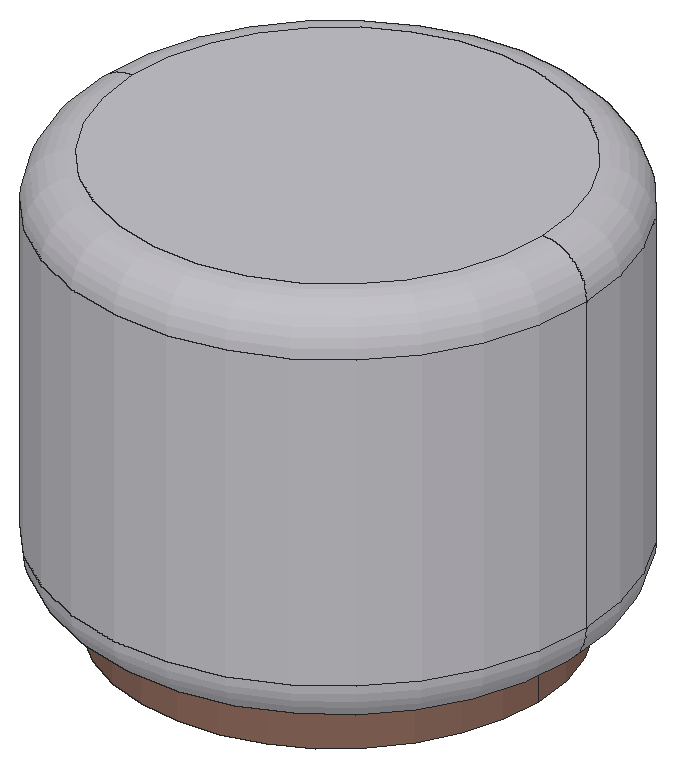
Revit family "Furniture_Chair_Tablet 8.1", category Furniture, Revit 2019
Family settings
  OmniClass Number = 23.21.23.15.17
  Work Plane-Based = Yes
  Always vertical = No
  Cut with Voids When Loaded = No
  Shared = No
  Room Calculation Point = No
Parameters (values of type "TABLET 8.1")
  Youtube clip = ""
  Uniformat II Description = "Movable Furnishings"
  Uniformat II Code = ""
  Uniclass 2015 Name = ""
  Uniclass 2015 Code = ""
  Uniclass 2.0 Description = ""
  Uniclass 2.0 Code = ""
  Uniclass 1.4 Description = ""
  Uniclass 1.4 Code = ""
  UNSPSC Code = ""
  Technical description = ""
  Shell Material = Leather - Varick YI173
  Frame Material = Wood - 106 Beech Light Walnut
  Region South America = "All"
  Region Oceania = "All"
  Region North America = "All"
  Region Middle East = "All"
  Region Europe = "All"
  Region Asia = "All"
  Region Antarctica = "All"
  Region Africa = "All"
  QR code = "https://www.sandlerseating.com/product/tablet-8-1/"
  Product url = "https://www.sandlerseating.com/product/tablet-8-1/"
  Product name = "TABLET 8.1"
  Product group = "Chair"
  Product family = "Furniture"
  Product data url = "https://www.sandlerseating.com/product/tablet-8-1/"
  Product certification = ""
  Product SKU = "??"
  Product Guid = "??"
  OmniClass Description = ""
  OmniClass Code = "23-21 23 15 17"
  NBS Reference Description = ""
  NBS Reference Code = ""
  Model = "TABLET 8.1"
  Masterformat 2014 Description = "Chair Mats"
  Masterformat 2014 Code = "12 48 43.13"
  Manufacturer name = "Sandler"
  Manufacturer country = "USA"
  Manufacturer = "Sandler"
  Installation instructions = ""
  IFC Classification = "Furnishing Element"
  GTIN code = ""
  Edition number = 1
  Design country = "Brasil"
  Description = "Chair"
  Default Elevation = 0.000 mm
  Date of publishing = ""
  COBIe Type Category = ""
  Brand url = "https://www.sandlerseating.com/"
  BIMobject main category code = "furniture"
  BIMobject main category = "Furniture"
  BIMobject category code = "furniture-chair"
  BIMobject category = "Chair"
Reference planes
  plane 1 "Center Front/Back": y = 0
  plane 2: z = 0
  plane 3 "Center Left/Right": x = 0
  plane 4: z = 480
  plane 5: z = 45
  plane 6: x = -285
  plane 7: x = 285
  plane 8: y = 285
  plane 9: y = -285
Forms (mm)
  Extrusion 1, solid, material "Leather - Varick YI173" <- "Shell Material"
    sketch origin (0, 0, 800) x (0, -1, 0) y (1, 0, 0)
      loop
        circle (0, 0) r 285.022
    from -755 to -320
  Sweep 2, void
    path in 3D
      loop
        arc (285.022, 0, 480) -> (0, -285.022, 480) -> (-285.022, 0, 480) r 285.022
        arc (-285.022, 0, 480) -> (0, 285.022, 480) -> (285.022, 0, 480) r 285.022
    profile origin (0, 285.022, 480) x (0, 1, 0) y (0, 0, 1)
      loop
        line (0, 0) -> (-50, 0)
        arc (-50, 0) -> (-14.645, -14.645) -> (0, -50) r 50
        line (0, -50) -> (0, 0)
      loop
        line (0, -435) -> (0, -385)
        arc (0, -385) -> (-14.645, -420.355) -> (-50, -435) r 50
        line (-50, -435) -> (0, -435)
  Extrusion 3, solid, material "Wood - 106 Beech Light Walnut" <- "Frame Material"
    sketch origin (0, 0, 800) x (-1, 0, 0) y (0, -1, 0)
      loop
        circle (0, 0) r 230
    from -800 to -755
Cuts and joins
  Sweep 2 cuts Extrusion 1
Lines and regions (mm)
  sketch lines
    curve 1: arc (-285.022, 0, 480) -> (0, 285.022, 480) -> (285.022, 0, 480) r 285.022
    curve 2: arc (285.022, 0, 480) -> (0, -285.022, 480) -> (-285.022, 0, 480) r 285.022
Dimensions and locks
  aligned and locked: level to plane 2
